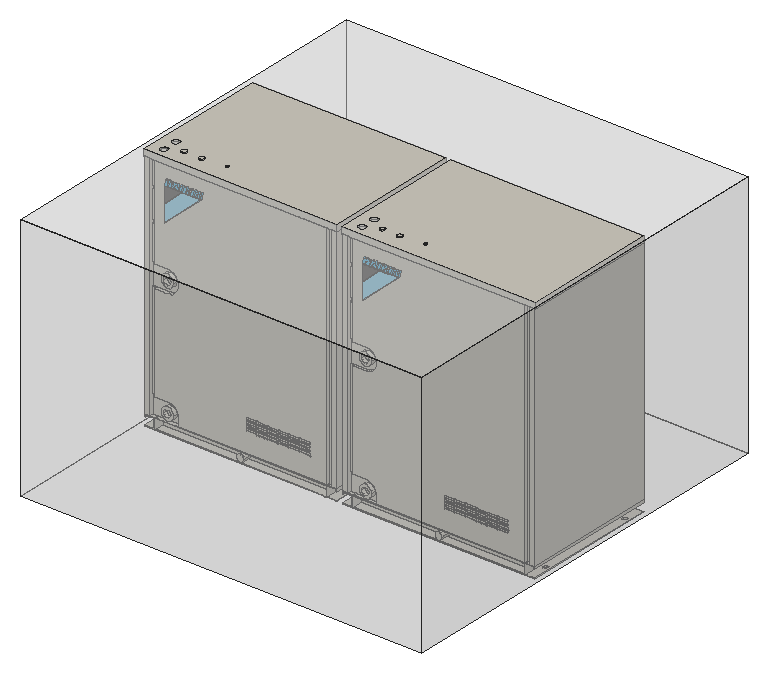
Revit family "outputfile", category 機械設備, Revit 2024
Family settings
  丸型コネクタ寸法 = 半径を使用
  種別 = なし
  パーツ タイプ = 標準
  OmniClass 番号 = 23.75.10.24.21.27.27
  OmniClass タイトル = Split System Air Conditioning Units
  作業面ベース = いいえ
  常に垂直 = はい
  ロード時にボイドで切り取り = いいえ
  注釈の向きを維持 = いいえ
  共有 = いいえ
  部屋計算ポイント = いいえ
Parameters (values of type "RWEYQ16TY14")
  製造元 = "Daikin"
  書き出し IFC クラス(タイプ) = "IfcUnitaryEquipmentType"
  定義済み IFC タイプ(タイプ) = "AIRCONDITIONINGUNIT"
  モデル = "RWEYQ16TY14"
  w_unit2 = 780.0 mm
  w_unit1 = 780.0 mm
  switch_unit2_6-8 [instance] = if(Reverse_ModuleSequence, if(default_unit1 = 1, 1 = 1, 1 = 0), if(default_unit2 = 1, 1 = 1, 1 = 0))  # yes
  switch_unit2_12 [instance] = if(Reverse_ModuleSequence, if(default_unit1 = 3, 1 = 1, 1 = 0), if(default_unit2 = 3, 1 = 1, 1 = 0))  # no
  switch_unit2_10 [instance] = if(Reverse_ModuleSequence, if(default_unit1 = 2, 1 = 1, 1 = 0), if(default_unit2 = 2, 1 = 1, 1 = 0))  # no
  switch_unit1_6-8 [instance] = if(Reverse_ModuleSequence, if(default_unit2 = 1, 1 = 1, 1 = 0), if(default_unit1 = 1, 1 = 1, 1 = 0))  # yes
  switch_unit1_12 [instance] = if(Reverse_ModuleSequence, if(default_unit2 = 3, 1 = 1, 1 = 0), if(default_unit1 = 3, 1 = 1, 1 = 0))  # no
  switch_unit1_10 [instance] = if(Reverse_ModuleSequence, if(default_unit2 = 2, 1 = 1, 1 = 0), if(default_unit1 = 2, 1 = 1, 1 = 0))  # no
  rangle_Drain [instance] = if(Rear Connection_Drain, 180.00°, 0.00°)  # 0.00°
  r_Water Outlet Pipe Connection_unit2 [instance] = Water Outlet Pipe Connection_Unit2 / 2  # 15.9 mm
  r_Water Outlet Pipe Connection_unit1 [instance] = Water Outlet Pipe Connection_Unit1 / 2  # 15.9 mm
  r_Water Inlet Pipe Connection_unit2 [instance] = Water Inlet Pipe Connection_Unit2 / 2  # 15.9 mm
  r_Water Inlet Pipe Connection_unit1 [instance] = Water Inlet Pipe Connection_Unit1 / 2  # 15.9 mm
  r_Liquid Pipe Size_unit2 [instance] = Liquid Pipe Size_Unit 2 / 2  # 4.75 mm
  r_HP/LP Gas Pipe Size_unit2 [instance] = [HP/LP Gas Pipe Size_Unit 2] / 2  # 9.55 mm
  r_HP/LP Gas Pipe Size_unit1 [instance] = [HP/LP Gas Pipe Size_Unit 1] / 2  # 9.55 mm
  r_Gas Pipe Size_unit2 [instance] = Gas Pipe Size_Unit 2 / 2  # 9.55 mm
  r_Drain Pipe Size = Drain Pipe Size / 2  # 6.35 mm
  lw_powersupply2 = 51.0 mm
  lw_liquidpipe2 = 274.0 mm
  lw_gaspipe2 [instance] = if(Heat Pump, 107.0 mm, 178.0 mm)  # 107.0 mm
  lw_Water Outlet2 = 95.0 mm
  lw_Water Outlet1 = 95.0 mm
  lw_Water Inlet2 = 95.0 mm
  lw_Water Inlet1 = 95.0 mm
  lw_HP/LP Gas Pipe2 [instance] = if(Heat Pump, 178.0 mm, 107.0 mm)  # 178.0 mm
  lw_HP/LP Gas Pipe1 [instance] = if(Heat Pump, 178.0 mm, 107.0 mm)  # 178.0 mm
  lw_Drain2 = 390.0 mm
  lw_Drain1 = 390.0 mm
  ld_HP/LP Gas Pipe = 69.0 mm
  h_mountinghole = [h_***] + 2.3 mm  # 2.3 mm
  r_Liquid Pipe Size_unit1 [instance] = Liquid Pipe Size_Unit 1 / 2  # 4.75 mm
  r_Gas Pipe Size_unit1 [instance] = Gas Pipe Size_Unit 1 / 2  # 9.55 mm
  distance_unit1-2 [instance] = 20.0 mm
  default_unit2 = 1
  default_unit1 = 1
  default_Water Outlet Pipe Connection_Unit 2 = 31.8 mm
  default_Water Outlet Pipe Connection_Unit 1 = 31.8 mm
  default_Water Inlet Pipe Connection_Unit 2 = 31.8 mm
  default_Water Inlet Pipe Connection_Unit 1 = 31.8 mm
  default_Model_Unit 2 = "RWEYQ8TY14"
  default_Model_Unit 1 = "RWEYQ8TY14"
  default_Liquid Pipe Size_Unit 2 = 9.5 mm
  default_Liquid Pipe Size_Unit 1 = 9.5 mm
  default_HP/LP Gas Pipe Size_Unit 2 [instance] = if(and(Heat Pump, [switch_unit2_6-8]), 19.1 mm, if(and(Heat Pump, switch_unit2_10), 22.2 mm, if(and(Heat Pump, switch_unit2_12), 22.2 mm, if(and(Heat Recovery, [switch_unit2_6-8]), 15.9 mm, if(and(Heat Recovery, switch_unit2_10), 19.1 mm, if(and(Heat Recovery, switch_unit2_12), 19.1 mm, 19.1 mm))))))  # 19.1 mm
  default_HP/LP Gas Pipe Size_Unit 1 [instance] = if(and(Heat Pump, [switch_unit1_6-8]), 19.1 mm, if(and(Heat Pump, switch_unit1_10), 22.2 mm, if(and(Heat Pump, switch_unit1_12), 22.2 mm, if(and(Heat Recovery, [switch_unit1_6-8]), 15.9 mm, if(and(Heat Recovery, switch_unit1_10), 19.1 mm, if(and(Heat Recovery, switch_unit1_12), 19.1 mm, 19.1 mm))))))  # 19.1 mm
  default_Gas Pipe Size_Unit 2 = 19.1 mm
  default_Gas Pipe Size_Unit 1 = 19.1 mm
  Water Outlet Pipe Connection_Unit2 [instance] = if(Reverse_ModuleSequence, default_Water Inlet Pipe Connection_Unit 1, default_Water Inlet Pipe Connection_Unit 2)  # 31.8 mm
  Water Outlet Pipe Connection_Unit1 [instance] = if(Reverse_ModuleSequence, default_Water Outlet Pipe Connection_Unit 2, default_Water Outlet Pipe Connection_Unit 1)  # 31.8 mm
  Water Inlet Pipe Connection_Unit2 [instance] = if(Reverse_ModuleSequence, default_Water Outlet Pipe Connection_Unit 1, default_Water Outlet Pipe Connection_Unit 2)  # 31.8 mm
  Water Inlet Pipe Connection_Unit1 [instance] = if(Reverse_ModuleSequence, default_Water Inlet Pipe Connection_Unit 2, default_Water Inlet Pipe Connection_Unit 1)  # 31.8 mm
  Voltage_comment_50Hz = "380-415"
  Voltage_50Hz = 400 V
  Top Connection_powersupply2 [instance] = not(Top Connection_powersupply1)  # no
  Sound Power Level (dB) = 73
  Reverse_ModuleSequence [instance] = no
  Rear Connection_Drain [instance] = not(Front Connection_Drain)  # no
  Power Input (Heating) = 7.960 kW
  Phase_50Hz = 3
  Nominal Heating Capacity = 50.000 kW
  Model_Unit 2 [instance] = if(Reverse_ModuleSequence, default_Model_Unit 1, default_Model_Unit 2)  # "RWEYQ8TY14"
  Model_Unit 1 [instance] = if(Reverse_ModuleSequence, default_Model_Unit 2, default_Model_Unit 1)  # "RWEYQ8TY14"
  Minimum Circuit Amps_50Hz = 27.3 A
  Maximum Fuse Amps_50Hz = 35.0 A
  Material_Heat Exchanger = DAIKIN_Blue_HE_outdoorunit
  Material_Casing = DAIKIN_IvoryWhite_Casing_outdoorunit
  lw_powersupply1 = 51.0 mm
  lw_liquidpipe1 = 274.0 mm
  lw_gaspipe1 [instance] = if(Heat Pump, 107.0 mm, 178.0 mm)  # 107.0 mm
  lh_powersupply = 940.0 mm
  ld_powersupply [instance] = if(Top Connection_powersupply1, 38.0 mm, 98.0 mm)  # 38.0 mm
  ld_liquidpipe = 79.0 mm
  ld_gaspipe = 69.0 mm
  h_*** = 0.0 mm
  Width [instance] = [distance_unit1-2] + w_unit1 + w_unit2  # 1580.0 mm
  Version = "ver.1.0"
  Unit Type = ""
  Unit Mass Weight = 292.00 kg
  Unit Designation [instance] = ""
  Uniclass2015Version = "Products v1.30"
  Uniclass2015Title = "Variable refrigerant flow units"
  Uniclass2015Code = "Pr_70_65_03_94"
  Total Cooling Capacity [instance] = 0.000 kW
  Sound Pressure Level (dBA) = 53
  Series = "VRV Heat Recovery"
  Refrigerant_Base Charge = 7.000 kg
  Refrigerant_Additional Charge [instance] = 0.000 kg
  Refrigerant Type = "R410A"
  Power Input (Cooling) = 7.720 kW
  Option Accessory 3 [instance] = ""
  Option Accessory 2 [instance] = ""
  Option Accessory 1 [instance] = ""
  Nominal Cooling Capacity = 44.800 kW
  Load Classification = HVAC
  Liquid Pipe Size_Unit 2 [instance] = if(Reverse_ModuleSequence, default_Liquid Pipe Size_Unit 1, default_Liquid Pipe Size_Unit 2)  # 9.5 mm
  Liquid Pipe Size_Unit 1 [instance] = if(Reverse_ModuleSequence, default_Liquid Pipe Size_Unit 2, default_Liquid Pipe Size_Unit 1)  # 9.5 mm
  Link_Nested Family [instance] = ""
  IfcVersion = ""
  IfcExportType = "AIRCONDITIONINGUNIT"
  IfcExportAs = "IfcUnitaryEquipmentType"
  Height = 1000.0 mm
  Heat Recovery [instance] = not(Heat Pump)  # no
  Heat Pump [instance] = yes
  Heat Exchanger Type = "Stainless Steel Plate"
  HP/LP Gas Pipe Size_Unit 2 [instance] = [default_HP/LP Gas Pipe Size_Unit 2]  # 19.1 mm
  HP/LP Gas Pipe Size_Unit 1 [instance] = [default_HP/LP Gas Pipe Size_Unit 1]  # 19.1 mm
  Gas Pipe Size_Unit 2 [instance] = if(Reverse_ModuleSequence, default_Gas Pipe Size_Unit 1, default_Gas Pipe Size_Unit 2)  # 19.1 mm
  Gas Pipe Size_Unit 1 [instance] = if(Reverse_ModuleSequence, default_Gas Pipe Size_Unit 2, default_Gas Pipe Size_Unit 1)  # 19.1 mm
  Top Connection_powersupply1 [instance] = yes
  Front Connection_Drain [instance] = yes
  Frequency_50Hz = 50 Hz
  Drain Pipe Size = 12.7 mm
  Depth = 550.0 mm
  既定の高さ = 0.0 mm
  Cooling Ambient Wet Bulb Temperature [instance] = 0.00 °C
  Cooling Ambient Dry Bulb Temperature [instance] = 0.00 °C
  Compressor Type = "Hermetically Sealed Scroll Type"
  Clearance visibility [instance] = yes
  Clearance Top = 0.0 mm
  Clearance Right = 20.0 mm
  Clearance Rear = 500.0 mm
  Clearance Left = 20.0 mm
  Clearance Front = 600.0 mm
  Clearance Bottom = 0.0 mm
  CU Tag No. [instance] = ""
Reference planes
  plane 1 "Center (Front/Back)": y = 0
  plane 2 "h_***": z = 0
  plane 3 "Center (Left/Right)": x = 0
  plane 4 "Back": y = 275
  plane 5 "Front": y = -275
  plane 6 "Left": x = -390
  plane 7 "w_unit1": x = 390
  plane 8 "Top": z = 1000
  plane 9 "Clearance Rear": y = 775
  plane 10 "Clearance Front": y = -875
  plane 11 "Clearance Left": x = -410
  plane 12 "Clearance Right": x = 1210
  plane 13 "Clearance Top": z = 1000
  plane 14 "Clearance Bottom": z = 0
  plane 15 "Bottom": z = 0
  plane 16 "lw_powersupply1": x = -339
  plane 17 "ld_powersupply": y = -237
  plane 18 "lw_liquidpipe1": x = -116
  plane 19 "Rear Connection_refrigetant": y = -196
  plane 20 "lw_gaspipe1": x = -283
  plane 21 "ld_gaspipe": y = -206
  plane 22 "lh_logo": z = 900
  plane 23 "lw_logo": x = 100
  plane 24 "lh_powersupply": z = 940
  plane 25 "lw_HP/LP Gas Pipe1": x = -212
  plane 26 "ld_HP/LP Gas Pipe": y = -206
  plane 27 "l_unit2": x = 410
  plane 28 "Right": x = 1190
  plane 29 "lw_powersupply2": x = 461
  plane 30 "lw_liquidpipe2": x = 684
  plane 31 "lw_gaspipe2": x = 517
  plane 32 "lw_HP/LP Gas Pipe2": x = 588
  plane 33 "lw_Water Inlet1": x = -295
  plane 34 "lw_Water Inlet2": x = 505
  plane 35 "lw_Water Outlet1": x = -295
  plane 36 "lw_Water Outlet2": x = 505
  plane 37 "lw_Drain1": x = 0
  plane 38 "lw_Drain2": x = 800
Dimensions and locks
  equal spacing: plane 4 "Back", plane 1 "Center (Front/Back)", plane 5 "Front"
  "Depth": plane 4 "Back" to plane 5 "Front"
  equal spacing: plane 6 "Left", plane 3 "Center (Left/Right)", plane 7 "w_unit1"
  "w_unit1": plane 6 "Left" to plane 7 "w_unit1"
  "Clearance Rear": plane 9 "Clearance Rear" to plane 4 "Back"
  "Clearance Front": plane 10 "Clearance Front" to plane 5 "Front"
  "Clearance Left": plane 11 "Clearance Left" to plane 6 "Left"
  "Clearance Top": plane 13 "Clearance Top" to plane 8 "Top"
  "h_***": plane 15 "Bottom" to plane 2 "h_***"
  "Height": plane 8 "Top" to plane 15 "Bottom"
  "Clearance Bottom": plane 15 "Bottom" to plane 14 "Clearance Bottom"
  "ld_powersupply": plane 17 "ld_powersupply" to plane 5 "Front"
  "ld_liquidpipe": plane 19 "Rear Connection_refrigetant" to plane 5 "Front"
  "ld_gaspipe": plane 21 "ld_gaspipe" to plane 5 "Front"
  locked: plane 23 "lw_logo" to plane 7 "w_unit1" at 290
  locked: plane 22 "lh_logo" to plane 15 "Bottom" at 900
  "lw_gaspipe1": plane 6 "Left" to plane 20 "lw_gaspipe1"
  "lw_liquidpipe1": plane 6 "Left" to plane 18 "lw_liquidpipe1"
  "lw_powersupply1": plane 6 "Left" to plane 16 "lw_powersupply1"
  "lh_powersupply": plane 24 "lh_powersupply" to plane 15 "Bottom"
  "lw_HP/LP Gas Pipe1": plane 6 "Left" to plane 25 "lw_HP/LP Gas Pipe1"
  "ld_HP/LP Gas Pipe": plane 26 "ld_HP/LP Gas Pipe" to plane 5 "Front"
  "distance_unit1-2": plane 7 "w_unit1" to plane 27 "l_unit2"
  "Clearance Right": plane 28 "Right" to plane 12 "Clearance Right"
  "Width": plane 6 "Left" to plane 28 "Right"
  "lw_powersupply2": plane 27 "l_unit2" to plane 29 "lw_powersupply2"
  "lw_HP/LP Gas Pipe2": plane 27 "l_unit2" to plane 32 "lw_HP/LP Gas Pipe2"
  "lw_gaspipe2": plane 27 "l_unit2" to plane 31 "lw_gaspipe2"
  "lw_liquidpipe2": plane 27 "l_unit2" to plane 30 "lw_liquidpipe2"
  "lw_Water Inlet1": plane 6 "Left" to plane 33 "lw_Water Inlet1"
  "lw_Water Inlet2": plane 27 "l_unit2" to plane 34 "lw_Water Inlet2"
  "lw_Water Outlet1": plane 6 "Left" to plane 35 "lw_Water Outlet1"
  "lw_Water Outlet2": plane 27 "l_unit2" to plane 36 "lw_Water Outlet2"
  "lw_Drain1": plane 6 "Left" to plane 37 "lw_Drain1"
  "lw_Drain2": plane 27 "l_unit2" to plane 38 "lw_Drain2"
  aligned and locked: level to plane 2 "h_***"
  aligned and locked: plane 9 "Clearance Rear" to nested 2
  aligned and locked: nested 2 to plane 10 "Clearance Front"
  aligned and locked: plane 11 "Clearance Left" to nested 2
  aligned and locked: plane 12 "Clearance Right" to nested 2
  aligned and locked: plane 13 "Clearance Top" to nested 2
  aligned and locked: plane 14 "Clearance Bottom" to nested 2
  aligned and locked: plane 8 "Top" to nested 1
  aligned and locked: plane 22 "lh_logo" to nested 7
  aligned and locked: nested 8 to plane 16 "lw_powersupply1"
  aligned and locked: nested 9 to plane 20 "lw_gaspipe1"
  aligned and locked: nested 10 to plane 18 "lw_liquidpipe1"
  aligned and locked: nested 10 to plane 19 "Rear Connection_refrigetant"
  aligned and locked: nested 9 to plane 21 "ld_gaspipe"
  aligned and locked: nested 8 to plane 17 "ld_powersupply"
  aligned and locked: plane 5 "Front" to nested 7
  aligned and locked: plane 24 "lh_powersupply" to nested 8
  aligned and locked: plane 27 "l_unit2" to nested 11
  aligned and locked: nested 17 to plane 29 "lw_powersupply2"
  aligned and locked: nested 17 to plane 17 "ld_powersupply"
  aligned and locked: nested 18 to plane 31 "lw_gaspipe2"
  aligned and locked: nested 18 to plane 26 "ld_HP/LP Gas Pipe"
  aligned and locked: plane 1 "Center (Front/Back)" to nested 20
  aligned and locked: plane 33 "lw_Water Inlet1" to nested 20
  aligned and locked: plane 1 "Center (Front/Back)" to nested 21
  aligned and locked: plane 1 "Center (Front/Back)" to nested 22
  aligned and locked: plane 1 "Center (Front/Back)" to nested 23
  aligned and locked: plane 1 "Center (Front/Back)" to nested 24
  aligned and locked: plane 1 "Center (Front/Back)" to nested 25
  aligned and locked: plane 34 "lw_Water Inlet2" to nested 21
  aligned and locked: plane 35 "lw_Water Outlet1" to nested 22
  aligned and locked: plane 36 "lw_Water Outlet2" to nested 23
  aligned and locked: plane 37 "lw_Drain1" to nested 24
  aligned and locked: plane 38 "lw_Drain2" to nested 25
  aligned and locked: plane 25 "lw_HP/LP Gas Pipe1" to nested 26
  aligned and locked: plane 32 "lw_HP/LP Gas Pipe2" to nested 27
  aligned and locked: nested 26 to plane 26 "ld_HP/LP Gas Pipe"
  aligned and locked: nested 27 to plane 26 "ld_HP/LP Gas Pipe"
Nested families
  nested 1: "DAIKIN_outdoorunit_RWEYQ-TY14" at (-31, 0, 0), h_*** <- "h_***", Link_Nest <- "Link_Nested Family", h_mountinghole <- "h_mountinghole", Width <- "w_unit1", switch_unit1_6-8 <- "switch_unit1_6-8", switch_unit1_10 <- "switch_unit1_10", switch_unit1_12 <- "switch_unit1_12", type "RWEYQ-TY14"
    with switch_unit1_6-8 yes, switch_unit1_12 no, switch_unit1_10 no, show_fixedhole yes, h_mountinghole 2.3 mm, h_antenna_mountinghole 998.7 mm, h_*** 0.0 mm, array_bolt 5, Width 780.0 mm, Liquid Pipe Size_Unit 1 9.5 mm, Link_Nest "", HP/LP Pipe Size_Unit 1 19.1 mm, Gas Pipe Size_Unit 1_L 107.0 mm, Gas Pipe Size_Unit 1 19.1 mm
  nested 2: "daikin_clearancespace" at (400, -50, 500.119), visible <- "Clearance visibility", show <- "Clearance visibility", Link_Nested Family <- "Link_Nested Family", type "daikin_clearancespace"
    with width 1620.0 mm, show yes, height 1000.0 mm, depth 1650.0 mm, Link_Nested Family ""
  nested 3: "daikin_mountinghole" at (-372, 200, 0), type "daikin_mountinghole"
    with show yes, l_antenna 998.7 mm, h_mountinghole 2.3 mm, Link_Nested Family ""
  nested 4: "daikin_mountinghole" at (372, 200, 0), type "daikin_mountinghole"
    with show yes, l_antenna 998.7 mm, h_mountinghole 2.3 mm, Link_Nested Family ""
  nested 5: "daikin_mountinghole" at (-372, -200, 0), type "daikin_mountinghole"
    with show yes, l_antenna 998.7 mm, h_mountinghole 2.3 mm, Link_Nested Family ""
  nested 6: "daikin_mountinghole" at (372, -200, 0), type "daikin_mountinghole"
    with show yes, l_antenna 998.7 mm, h_mountinghole 2.3 mm, Link_Nested Family ""
  nested 7: "daikin_logo_elevation_w150" at (-212.5, -275, 744.568), type "daikin_logo_elevation_w150"
    with show_logo yes
  nested 8: "daikin_connector_rotate3" at (-339, -237, 940) x (-1, 0, 0) z (0, 0, -1), type "daikin_connector_rotate3"
    with show no, radius 10.0 mm, length 60.0 mm, angle_vertical 0.00°, angle_horizontal 0.00°
  nested 9: "daikin_connector_rotate3" at (-283, -206, 940) x (-1, 0, 0) z (0, 0, -1), radius <- "r_Gas Pipe Size_unit1", type "daikin_connector_rotate3"
    with show no, radius 9.55 mm, length 60.0 mm, angle_vertical 0.00°, angle_horizontal 0.00°
  nested 10: "daikin_connector_rotate3" at (-116, -196, 940) x (-1, 0, 0) z (0, 0, -1), radius <- "r_Liquid Pipe Size_unit1", type "daikin_connector_rotate3"
    with show no, radius 4.75 mm, length 60.0 mm, angle_vertical 0.00°, angle_horizontal 0.00°
  nested 11: "DAIKIN_outdoorunit_RWEYQ-TY14" at (769, 0, 0), Width <- "w_unit2", switch_unit1_6-8 <- "switch_unit2_6-8", switch_unit1_10 <- "switch_unit2_10", switch_unit1_12 <- "switch_unit2_12", type "RWEYQ-TY14"
    with switch_unit1_6-8 yes, switch_unit1_12 no, switch_unit1_10 no, show_fixedhole yes, h_mountinghole 2.3 mm, h_antenna_mountinghole 998.7 mm, h_*** 0.0 mm, array_bolt 5, Width 780.0 mm, Liquid Pipe Size_Unit 1 9.5 mm, Link_Nest "", HP/LP Pipe Size_Unit 1 19.1 mm, Gas Pipe Size_Unit 1_L 107.0 mm, Gas Pipe Size_Unit 1 19.1 mm
  nested 12: "daikin_mountinghole" at (428, 200, 0), type "daikin_mountinghole"
    with show yes, l_antenna 998.7 mm, h_mountinghole 2.3 mm, Link_Nested Family ""
  nested 13: "daikin_mountinghole" at (1172, 200, 0), type "daikin_mountinghole"
    with show yes, l_antenna 998.7 mm, h_mountinghole 2.3 mm, Link_Nested Family ""
  nested 14: "daikin_mountinghole" at (428, -200, 0), type "daikin_mountinghole"
    with show yes, l_antenna 998.7 mm, h_mountinghole 2.3 mm, Link_Nested Family ""
  nested 15: "daikin_mountinghole" at (1172, -200, 0), type "daikin_mountinghole"
    with show yes, l_antenna 998.7 mm, h_mountinghole 2.3 mm, Link_Nested Family ""
  nested 16: "daikin_connector_rotate3" at (684, -196, 940) x (-1, 0, 0) z (0, 0, -1), radius <- "r_Liquid Pipe Size_unit2", type "daikin_connector_rotate3"
    with show no, radius 4.75 mm, length 60.0 mm, angle_vertical 0.00°, angle_horizontal 0.00°
  nested 17: "daikin_connector_rotate3" at (461, -237, 940) x (-1, 0, 0) z (0, 0, -1), type "daikin_connector_rotate3"
    with show no, radius 10.0 mm, length 60.0 mm, angle_vertical 0.00°, angle_horizontal 0.00°
  nested 18: "daikin_connector_rotate3" at (517, -206, 940) x (-1, 0, 0) z (0, 0, -1), radius <- "r_Gas Pipe Size_unit2", type "daikin_connector_rotate3"
    with show no, radius 9.55 mm, length 60.0 mm, angle_vertical 0.00°, angle_horizontal 0.00°
  nested 19: "daikin_logo_elevation_w150" at (587.5, -275, 744.568), type "daikin_logo_elevation_w150"
    with show_logo yes
  nested 20: "daikin_connector_rotate3" at (-295, 0, 76), radius <- "r_Water Inlet Pipe Connection_unit1", type "daikin_connector_rotate3"
    with show no, radius 15.9 mm, length 275.0 mm, angle_vertical 90.00°, angle_horizontal 0.00°
  nested 21: "daikin_connector_rotate3" at (505, 0, 76), radius <- "r_Water Inlet Pipe Connection_unit2", type "daikin_connector_rotate3"
    with show no, radius 15.9 mm, length 275.0 mm, angle_vertical 90.00°, angle_horizontal 0.00°
  nested 22: "daikin_connector_rotate3" at (-295, 0, 556), radius <- "r_Water Outlet Pipe Connection_unit1", type "daikin_connector_rotate3"
    with show no, radius 15.9 mm, length 275.0 mm, angle_vertical 90.00°, angle_horizontal 0.00°
  nested 23: "daikin_connector_rotate3" at (505, 0, 556), radius <- "r_Water Outlet Pipe Connection_unit2", type "daikin_connector_rotate3"
    with show no, radius 15.9 mm, length 275.0 mm, angle_vertical 90.00°, angle_horizontal 0.00°
  nested 24: "daikin_connector_rotate3" at (0, 0, 19), angle_horizontal <- "rangle_Drain", radius <- "r_Drain Pipe Size", type "daikin_connector_rotate3"
    with show no, radius 6.35 mm, length 275.0 mm, angle_vertical 90.00°, angle_horizontal 0.00°
  nested 25: "daikin_connector_rotate3" at (800, 0, 19), angle_horizontal <- "rangle_Drain", radius <- "r_Drain Pipe Size", type "daikin_connector_rotate3"
    with show no, radius 6.35 mm, length 275.0 mm, angle_vertical 90.00°, angle_horizontal 0.00°
  nested 26: "daikin_connector_rotate3" at (-212, -206, 940) x (1, 0, 0) z (0, 0, -1), radius <- "r_HP/LP Gas Pipe Size_unit1", type "daikin_connector_rotate3"
    with show no, radius 9.55 mm, length 60.0 mm, angle_vertical 0.00°, angle_horizontal 0.00°
  nested 27: "daikin_connector_rotate3" at (588, -206, 940) x (1, 0, 0) z (0, 0, -1), radius <- "r_HP/LP Gas Pipe Size_unit2", type "daikin_connector_rotate3"
    with show no, radius 9.55 mm, length 60.0 mm, angle_vertical 0.00°, angle_horizontal 0.00°
Connectors
  piping at (-116, -196, 1000), diameter 9.5, driven by "r_Liquid Pipe Size_unit1"
    settings: on nested 10, index 12, connector inside diameter 609.6 mm, connector length 0.0 mm, flow factor 0, pipe flow 0.00 m³/h, pressure drop 0.0 Pa, fitting loss kfactor 0, connector angle 0.00°, fixture units 0, engagement length 0.0 mm, angle of deflection 0.00°, flow configuration 0, flow direction 2, fitting loss method 0, system type 29, joint type 0, gender type 0, connector reference index -1, connector utility 0, adjustable connector no, is connector primary no, connector description "Refrigerant Liquid Piping1"
  electrical at (-339, -237, 1000), driven by "Load Classification"
    settings: on nested 8, index 13, voltage 0 V, apparent load 0 VA, apparent load phase1 0 VA, apparent load phase2 0 VA, apparent load phase3 0 VA, power factor 1, load classification "HVAC", number of poles 1, system type 30, power factor state 1, is connector primary yes, connector utility no, sub classification motor no, connector description "Power Supply1"
  piping at (684, -196, 1000), diameter 9.5, driven by "r_Liquid Pipe Size_unit2"
    settings: on nested 16, index 15, connector inside diameter 609.6 mm, connector length 0.0 mm, flow factor 0, pipe flow 0.00 m³/h, pressure drop 0.0 Pa, fitting loss kfactor 0, connector angle 0.00°, fixture units 0, engagement length 0.0 mm, angle of deflection 0.00°, flow configuration 0, flow direction 2, fitting loss method 0, system type 29, joint type 0, gender type 0, connector reference index -1, connector utility 0, adjustable connector no, is connector primary no, connector description "Refrigerant Liquid Piping2"
  electrical at (461, -237, 1000), driven by "Load Classification"
    settings: on nested 17, index 17, voltage 0 V, apparent load 0 VA, apparent load phase1 0 VA, apparent load phase2 0 VA, apparent load phase3 0 VA, power factor 1, load classification "HVAC", number of poles 1, system type 30, power factor state 1, is connector primary no, connector utility no, sub classification motor no, connector description "Power Supply2"
  piping at (-295, -275, 556), diameter 31.8, driven by "r_Water Outlet Pipe Connection_unit1"
    settings: on nested 22, index 19, connector inside diameter 609.6 mm, connector length 0.0 mm, flow factor 0, pipe flow 0.00 m³/h, pressure drop 0.0 Pa, fitting loss kfactor 0, connector angle 0.00°, fixture units 0, engagement length 0.0 mm, angle of deflection 0.00°, flow configuration 1, flow direction 2, fitting loss method 0, system type 8, joint type 0, gender type 0, connector reference index -1, connector utility 0, adjustable connector no, is connector primary no, connector description "Cooling Water Outlet Piping 1"
  piping at (-295, -275, 76), diameter 31.8, driven by "r_Water Inlet Pipe Connection_unit1"
    settings: on nested 20, index 20, connector inside diameter 609.6 mm, connector length 0.0 mm, flow factor 0, pipe flow 0.00 m³/h, pressure drop 0.0 Pa, fitting loss kfactor 0, connector angle 0.00°, fixture units 0, engagement length 0.0 mm, angle of deflection 0.00°, flow configuration 1, flow direction 1, fitting loss method 0, system type 7, joint type 0, gender type 0, connector reference index -1, connector utility 0, adjustable connector no, is connector primary no, connector description "Cooling Water Inlet  Piping 1"
  piping at (505, -275, 556), diameter 31.8, driven by "r_Water Outlet Pipe Connection_unit2"
    settings: on nested 23, index 21, connector inside diameter 609.6 mm, connector length 0.0 mm, flow factor 0, pipe flow 0.00 m³/h, pressure drop 0.0 Pa, fitting loss kfactor 0, connector angle 0.00°, fixture units 0, engagement length 0.0 mm, angle of deflection 0.00°, flow configuration 1, flow direction 2, fitting loss method 0, system type 8, joint type 0, gender type 0, connector reference index -1, connector utility 0, adjustable connector no, is connector primary no, connector description "Cooling Water Outlet Piping 2"
  piping at (505, -275, 76), diameter 31.8, driven by "r_Water Inlet Pipe Connection_unit2"
    settings: on nested 21, index 22, connector inside diameter 609.6 mm, connector length 0.0 mm, flow factor 0, pipe flow 0.00 m³/h, pressure drop 0.0 Pa, fitting loss kfactor 0, connector angle 0.00°, fixture units 0, engagement length 0.0 mm, angle of deflection 0.00°, flow configuration 1, flow direction 1, fitting loss method 0, system type 7, joint type 0, gender type 0, connector reference index -1, connector utility 0, adjustable connector no, is connector primary no, connector description "Cooling Water Inlet  Piping 2"
  piping at (0, -275, 19), diameter 12.7, driven by "r_Drain Pipe Size"
    settings: on nested 24, index 23, connector inside diameter 609.6 mm, connector length 0.0 mm, flow factor 0, pipe flow 0.00 m³/h, pressure drop 0.0 Pa, fitting loss kfactor 0, connector angle 0.00°, fixture units 0, engagement length 0.0 mm, angle of deflection 0.00°, flow configuration 1, flow direction 2, fitting loss method 4, system type 16, joint type 0, gender type 0, connector reference index -1, connector utility 0, adjustable connector no, is connector primary no, connector description "Condensate Drain Piping 1"
  piping at (800, -275, 19), diameter 12.7, driven by "r_Drain Pipe Size"
    settings: on nested 25, index 24, connector inside diameter 609.6 mm, connector length 0.0 mm, flow factor 0, pipe flow 0.00 m³/h, pressure drop 0.0 Pa, fitting loss kfactor 0, connector angle 0.00°, fixture units 0, engagement length 0.0 mm, angle of deflection 0.00°, flow configuration 1, flow direction 2, fitting loss method 4, system type 16, joint type 0, gender type 0, connector reference index -1, connector utility 0, adjustable connector no, is connector primary no, connector description "Condensate Drain Piping 2"
  piping at (-212, -206, 1000), diameter 19.1, driven by "r_HP/LP Gas Pipe Size_unit1"
    settings: on nested 26, index 27, connector inside diameter 609.6 mm, connector length 0.0 mm, flow factor 0, pipe flow 0.00 m³/h, pressure drop 0.0 Pa, fitting loss kfactor 0, connector angle 0.00°, fixture units 0, engagement length 0.0 mm, angle of deflection 0.00°, flow configuration 0, flow direction 0, fitting loss method 0, system type 29, joint type 0, gender type 0, connector reference index -1, connector utility 0, adjustable connector no, is connector primary no, connector description "Refrigerant HP/LP Gas Piping1"
  piping at (588, -206, 1000), diameter 19.1, driven by "r_HP/LP Gas Pipe Size_unit2"
    settings: on nested 27, index 28, connector inside diameter 609.6 mm, connector length 0.0 mm, flow factor 0, pipe flow 0.00 m³/h, pressure drop 0.0 Pa, fitting loss kfactor 0, connector angle 0.00°, fixture units 0, engagement length 0.0 mm, angle of deflection 0.00°, flow configuration 0, flow direction 0, fitting loss method 0, system type 29, joint type 0, gender type 0, connector reference index -1, connector utility 0, adjustable connector no, is connector primary no, connector description "Refrigerant HP/LP Gas Piping2"
  piping at (-283, -206, 1000), diameter 19.1, driven by "r_Gas Pipe Size_unit1"
    settings: on nested 9, index 29, connector inside diameter 609.6 mm, connector length 0.0 mm, flow factor 0, pipe flow 0.00 m³/h, pressure drop 0.0 Pa, fitting loss kfactor 0, connector angle 0.00°, fixture units 0, engagement length 0.0 mm, angle of deflection 0.00°, flow configuration 0, flow direction 1, fitting loss method 0, system type 29, joint type 0, gender type 0, connector reference index -1, connector utility 0, adjustable connector no, is connector primary yes, connector description "Refrigerant Gas Piping1"
  piping at (517, -206, 1000), diameter 19.1, driven by "r_Gas Pipe Size_unit2"
    settings: on nested 18, index 30, connector inside diameter 609.6 mm, connector length 0.0 mm, flow factor 0, pipe flow 0.00 m³/h, pressure drop 0.0 Pa, fitting loss kfactor 0, connector angle 0.00°, fixture units 0, engagement length 0.0 mm, angle of deflection 0.00°, flow configuration 0, flow direction 1, fitting loss method 0, system type 29, joint type 0, gender type 0, connector reference index -1, connector utility 0, adjustable connector no, is connector primary no, connector description "Refrigerant Gas Piping2"
Definition of nested family "DAIKIN_outdoorunit_RWEYQ-TY14"
  Parameters (values of type "RWEYQ-TY14")
    w_wiremesh_right = 668.0 mm  # constant formula
    w_wiremesh_left = 590.0 mm  # constant formula
    w_wiremesh_front = 248.0 mm  # constant formula
    switch_unit1_6-8 [instance] = no
    switch_unit1_12 [instance] = yes
    switch_unit1_10 [instance] = no
    show_fixedhole [instance] = yes
    material_heatexchanger = none
    material_casing = none
    ld_hole1_bottom = 154.0 mm  # constant formula
    h_wiremesh = 900.0 mm  # constant formula
    h_mountinghole [instance] = 2.3 mm
    h_antenna_mountinghole [instance] = Height + 1.0 mm - 2.3 mm  # 998.7 mm
    h_*** [instance] = 0.0 mm
    array_bolt [instance] = 5
    Width [instance] = 780.0 mm
    Liquid Pipe Size_Unit 1 [instance] = if([switch_unit1_6-8], 9.5 mm, if(switch_unit1_10, 9.5 mm, if(switch_unit1_12, 12.7 mm, 9.5 mm)))  # 12.7 mm
    Link_Nest [instance] = ""
    Height = 1000.0 mm
    Heat Recovery = not(Heat Pump)  # no
    Heat Pump = yes
    HP/LP Pipe Size_Unit 1_L = if(Heat Pump, 178.0 mm, 107.0 mm)  # 178.0 mm
    HP/LP Pipe Size_Unit 1 [instance] = if(Heat Recovery, if([switch_unit1_6-8], 15.9 mm, if(switch_unit1_10, 19.1 mm, if(switch_unit1_12, 19.1 mm, 15.9 mm))), if([switch_unit1_6-8], 19.1 mm, if(switch_unit1_10, 22.2 mm, if(switch_unit1_12, 22.2 mm, 19.1 mm))))  # 22.2 mm
    Gas Pipe Size_Unit 1_L [instance] = if(Heat Pump, 107.0 mm, 178.0 mm)  # 107.0 mm
    Gas Pipe Size_Unit 1_H = 60.0 mm  # constant formula
    Gas Pipe Size_Unit 1 [instance] = if([switch_unit1_6-8], 19.1 mm, if(switch_unit1_10, 22.2 mm, if(switch_unit1_12, 22.2 mm, 19.1 mm)))  # 22.2 mm
    Depth = 550.0 mm
    Default Elevation = 0.0 mm
  Reference planes
    plane 1 "Center (Front/Back)": y = 0
    plane 2 "reference_level": z = 0
    plane 3 "Center (Left/Right)": x = 31
    plane 4 "Bottom": z = 0
    plane 5: x = 421
    plane 6: x = -359
    plane 7 "Back": y = 275
    plane 8 "Front": y = -275
    plane 9: z = 1000
    plane 10: z = 976
    plane 11: y = -255
    plane 12: y = 255
    plane 13: x = -337
    plane 14: x = 399
    plane 15: x = -341
    plane 16: z = 45
    plane 17: x = 403
    plane 18: y = 200
    plane 19: y = -200
    plane 20: z = 1060
    plane 21: z = 19
    plane 22: z = 1000
    plane 23: z = 940
  Forms (mm)
    Extrusion 1, solid, material <- "material_heatexchanger"
      sketch origin (0, 0, 0) x (1, 0, 0) y (0, 1, 0)
        loop
          line (-337, 255) -> (-337, -255) -> (399, -255) -> (399, 255) -> (-337, 255)
      from 54 to 976
    Extrusion 2, void
      sketch origin (0, 350, 0) x (1, 0, 0) y (0, 1, 0)
        loop
          circle (-341, -150) r 8.5
        loop
          circle (403, -150) r 8.5
        loop
          circle (403, -550) r 8.5
        loop
          circle (-341, -550) r 8.5
      from 0 to 29.064
    Extrusion 3, solid, material <- "material_casing"
      sketch origin (620, -305, 0) x (-1, 0, 0) y (0, 0, 1)
        loop
          line (204.3, 35.061) -> (204.3, 42.7) -> (239.7, 42.7) -> (239.7, 2.3) -> (201, 2.3) -> (201, 0) -> (242, 0) -> (242, 45) -> (201, 45) -> (201, 35.061) -> (204.3, 35.061)
        loop
          line (973.7, 35.061) -> (977, 35.061) -> (977, 45) -> (936, 45) -> (936, 0) -> (977, 0) -> (977, 2.3) -> (938.3, 2.3) -> (938.3, 42.7) -> (973.7, 42.7) -> (973.7, 35.061)
      from 30 to 580
    Extrusion 4, solid, material <- "material_casing"
      sketch origin (31, 0, 0) x (0, 1, 0) y (0, 0, 1)
        loop
          line (-275, 45) -> (-275, 42.7) -> (-236.3, 42.7) -> (-236.3, 2.3) -> (-275, 2.3) -> (-275, 0) -> (-234, 0) -> (-234, 45) -> (-275, 45)
        loop
          line (275, 45) -> (234, 45) -> (234, 0) -> (275, 0) -> (275, 2.3) -> (236.3, 2.3) -> (236.3, 42.7) -> (275, 42.7) -> (275, 45)
      from -347 to 347
    Extrusion 5, solid, material <- "material_casing"
      sketch origin (0, 0, 0) x (1, 0, 0) y (0, 1, 0)
        loop
          circle (-85, -196) r 6.35
        loop
          circle (-181, -206) r 11.1
      from 940 to 1000
    Extrusion 6, solid, material <- "material_casing"
      sketch origin (-663.497, -190, 1200) x (-1, 0, 0) y (0, 0, 1)
        loop
          circle (-694.497, -1181) r 14
      from -85 to -46.3
    Extrusion 7, solid, material <- "material_casing"
      sketch origin (-663.497, 321.3, 1200) x (-1, 0, 0) y (0, 0, 1)
        loop
          circle (-694.497, -1181) r 14
      from -85 to -46.3
    Extrusion 8, solid, material <- "material_casing"
      sketch origin (0, -500, 0) x (1, 0, 0) y (0, 1, 0)
        loop
          circle (-252, 294) r 11.1
      from 940 to 1000
  Cuts and joins
    Extrusion 2 cuts Extrusion 3
  Dimensions and locks
    equal spacing: plane 6, plane 3 "Center (Left/Right)", plane 5
    "Width": plane 6 to plane 5
    locked: plane 9 to plane 10 at 24
    "Depth": plane 8 "Front" to plane 7 "Back"
    equal spacing: plane 7 "Back", plane 1 "Center (Front/Back)", plane 8 "Front"
    locked: plane 12 to plane 7 "Back" at 20
    locked: plane 11 to plane 8 "Front" at 20
    locked: plane 6 to plane 13 at 22
    locked: plane 14 to plane 5 at 22
    locked: plane 6 to plane 15 at 18
    "h_***": plane 4 "Bottom" to plane 2 "reference_level"
    locked: plane 16 to plane 4 "Bottom" at 45
    "Height": plane 9 to plane 4 "Bottom"
    locked: plane 5 to Extrusion 3 sketch curve at 2  (x2)
    locked: Extrusion 3 sketch curve to Extrusion 3 sketch curve at 41  (x2)
    locked: Extrusion 3 sketch curve to Extrusion 3 sketch curve at 3.3  (x2)
    locked: Extrusion 3 sketch curve to plane 6 at 2  (x2)
    locked: plane 8 "Front" to Extrusion 4 sketch curve at 41
    locked: Extrusion 4 sketch curve to plane 7 "Back" at 41
    locked: plane 17 to plane 5 at 18
    plane 19 to plane 8 "Front" = 75.0 mm
    locked: plane 18 to plane 7 "Back" at 75
    locked: Extrusion 5 sketch curve to plane 8 "Front" at 79
    locked: plane 6 to Extrusion 5 sketch curve at 274
    "HP/LP Pipe Size_Unit 1_L": plane 6 to Extrusion 5 sketch curve
    locked: Extrusion 5 sketch curve to plane 8 "Front" at 69
    locked: plane 20 to plane 9 at 60
    locked: plane 21 to plane 4 "Bottom" at 19
    "Gas Pipe Size_Unit 1_L": plane 6 to Extrusion 8 sketch curve
    locked: Extrusion 8 sketch curve to plane 8 "Front" at 69
    "Gas Pipe Size_Unit 1_H": plane 20 to plane 22
    locked: plane 22 to plane 23 at 60
    "HP/LP Pipe Size_Unit 1": diameter of Extrusion 5 sketch curve
    "Liquid Pipe Size_Unit 1": diameter of Extrusion 5 sketch curve
    "Gas Pipe Size_Unit 1": diameter of Extrusion 8 sketch curve
    aligned and locked: level to plane 2 "reference_level"
    aligned and locked: plane 12 to Extrusion 1 sketch curve
    aligned and locked: plane 11 to Extrusion 1 sketch curve
    aligned and locked: plane 13 to Extrusion 1 sketch curve
    aligned and locked: plane 14 to Extrusion 1 sketch curve
    aligned and locked: plane 10 to Extrusion 1
    aligned and locked: plane 11 to nested 1
    aligned and locked: plane 10 to nested 4
    aligned and locked: nested 5 to plane 9
    aligned and locked: plane 10 to nested 3
    aligned and locked: plane 10 to nested 2
    aligned and locked: plane 13 to nested 4
    aligned and locked: plane 14 to nested 2
    aligned and locked: plane 12 to nested 3
    aligned and locked: plane 15 to nested 7
    aligned and locked: plane 15 to nested 9
    aligned and locked: plane 8 "Front" to nested 5
    aligned and locked: plane 6 to nested 5
    aligned and locked: plane 10 to nested 1
    aligned and locked: plane 13 to nested 1
    aligned and locked: nested 2 to plane 1 "Center (Front/Back)"
    aligned and locked: nested 3 to plane 3 "Center (Left/Right)"
    aligned and locked: plane 1 "Center (Front/Back)" to nested 4
    aligned and locked: nested 6 to plane 3 "Center (Left/Right)"
    aligned and locked: plane 1 "Center (Front/Back)" to nested 6
    aligned and locked: plane 16 to Extrusion 3 sketch curve
    aligned and locked: Extrusion 3 sketch curve to plane 4 "Bottom"
    aligned and locked: Extrusion 3 sketch curve to plane 16
    aligned and locked: plane 4 "Bottom" to Extrusion 3 sketch curve
    aligned and locked: Extrusion 3 to plane 7 "Back"
    aligned and locked: Extrusion 3 to plane 8 "Front"
    aligned and locked: plane 8 "Front" to Extrusion 4 sketch curve  (x2)
    aligned and locked: plane 4 "Bottom" to Extrusion 4 sketch curve
    aligned and locked: Extrusion 4 sketch curve to plane 16
    aligned and locked: Extrusion 4 sketch curve to plane 7 "Back"  (x2)
    aligned and locked: plane 18 to Extrusion 2 sketch curve  (x2)
    aligned and locked: plane 15 to Extrusion 2 sketch curve  (x2)
    aligned and locked: plane 17 to Extrusion 2 sketch curve  (x2)
    aligned and locked: plane 17 to nested 8
    aligned and locked: plane 18 to nested 8
    aligned and locked: plane 18 to nested 7
    aligned and locked: nested 7 to plane 15
    aligned and locked: nested 9 to plane 19
    aligned and locked: nested 9 to plane 15
    aligned and locked: nested 10 to plane 19
    aligned and locked: plane 17 to nested 10
    aligned and locked: plane 19 to Extrusion 2 sketch curve  (x2)
    aligned and locked: plane 3 "Center (Left/Right)" to Extrusion 6 sketch curve
    aligned and locked: plane 21 to Extrusion 6 sketch curve
    aligned and locked: plane 22 to Extrusion 8
    aligned and locked: Extrusion 8 to plane 22
    aligned and locked: Extrusion 8 to plane 23
    aligned and locked: Extrusion 5 to plane 23
    aligned and locked: Extrusion 5 to plane 22
  Automatic sketch dimensions
    Extrusion 3 sketch curve to Extrusion 3 sketch curve = 2.3 mm  (x2)
    level to Extrusion 3 sketch curve = 2.3 mm  (x2)
    Extrusion 3 sketch curve to plane 16 = 9.939 mm  (x2)
    Extrusion 3 sketch curve to plane 16 = 2.3 mm  (x2)
    Extrusion 4 sketch curve to level = 0.0 mm
    Extrusion 4 sketch curve to plane 16 = 0.0 mm
    Extrusion 4 sketch curve to Extrusion 4 sketch curve = 2.3 mm  (x2)
    level to Extrusion 4 sketch curve = 2.3 mm  (x2)
    Extrusion 4 sketch curve to plane 16 = 2.3 mm  (x2)
    Extrusion 7 sketch curve to plane 3 "Center (Left/Right)" = 0.0 mm
    Extrusion 7 sketch curve to plane 21 = 0.0 mm
    radius of Extrusion 2 sketch curve = 8.5 mm  (x4)
    radius of Extrusion 6 sketch curve = 14.0 mm
    radius of Extrusion 7 sketch curve = 14.0 mm
  Nested families
    nested 1: "outdoorunit_frontpanel" at (-337, -265, 45), material <- "material_casing", type "frontpanel1"
      with material none
    nested 2: "outdoorunit_rightpanel1" at (409, -275, 45) x (0, 1, 0) z (0, 0, 1), material <- "material_casing", type "frontpanel1"
      with material none
    nested 3: "outdoorunit_backpanel" at (399, 265, 45) x (-1, 0, 0) z (0, 0, 1), material <- "material_casing", type "frontpanel1"
      with material none
    nested 4: "outdoorunit_leftpanel" at (-347, 275, 45) x (0, -1, 0) z (0, 0, 1), material <- "material_casing", type "frontpanel1"
      with material none
    nested 5: "outdoorunit_uppanel" at (-359, -275, 988) x (1, 0, 0) z (0, 1, 0), material <- "material_casing", type "frontpanel1"
      with material none
    nested 6: "outdoorunit_downpanel" at (399, 255, 56) x (-1, 0, 0) z (0, -1, 0), material <- "material_casing", type "frontpanel1"
      with material none
    nested 7: "daikin_mountinghole" at (-341, 200, 0), visible <- "show_fixedhole", Link_Nested Family <- "Link_Nest", l_antenna <- "h_antenna_mountinghole", h_mountinghole <- "h_mountinghole", type "daikin_mountinghole"
      with show yes, l_antenna 998.7 mm, h_mountinghole 2.3 mm, Link_Nested Family ""
    nested 8: "daikin_mountinghole" at (403, 200, 0), visible <- "show_fixedhole", Link_Nested Family <- "Link_Nest", l_antenna <- "h_antenna_mountinghole", h_mountinghole <- "h_mountinghole", type "daikin_mountinghole"
      with show yes, l_antenna 998.7 mm, h_mountinghole 2.3 mm, Link_Nested Family ""
    nested 9: "daikin_mountinghole" at (-341, -200, 0), visible <- "show_fixedhole", Link_Nested Family <- "Link_Nest", l_antenna <- "h_antenna_mountinghole", h_mountinghole <- "h_mountinghole", type "daikin_mountinghole"
      with show yes, l_antenna 998.7 mm, h_mountinghole 2.3 mm, Link_Nested Family ""
    nested 10: "daikin_mountinghole" at (403, -200, 0), visible <- "show_fixedhole", Link_Nested Family <- "Link_Nest", l_antenna <- "h_antenna_mountinghole", h_mountinghole <- "h_mountinghole", type "daikin_mountinghole"
      with show yes, l_antenna 998.7 mm, h_mountinghole 2.3 mm, Link_Nested Family ""
  Definition of nested family "outdoorunit_frontpanel"
    Parameters (values of type "frontpanel1")
      width = 736.0 mm
      material [instance] = none
      height1 = 931.0 mm
      depth = 20.0 mm
      Default Elevation = 0.0 mm
    Reference planes
      plane 1 "Center (Front/Back)": y = 0
      plane 2 "Bottom": z = 0
      plane 3: x = 0
      plane 4 "Back": y = 10
      plane 5 "Front": y = -10
      plane 6: x = 736
      plane 7 "Top": z = 931
      plane 8 "Left": x = 0
      plane 9 "Center L/S": y = 5
      plane 10 "Center L/T": y = -5
    Forms (mm)
      Extrusion 1, solid, material <- "material"
        sketch origin (0, 0, 0) x (1, 0, 0) y (0, 1, 0)
          loop
            line (0, 10) -> (0, -10) -> (736, -10) -> (736, 10) -> (0, 10)
        from 0 to 931
      Extrusion 2, void
        sketch origin (0, 0, 0) x (1, 0, 0) y (0, 0, 1)
          loop
            line (0, 931) -> (0, 0) -> (21, 0) -> (21, 931) -> (0, 931)
          loop
            line (736, 931) -> (715, 931) -> (715, 0) -> (736, 0) -> (736, 931)
        from 0 to 250
      Extrusion 3, void
        sketch origin (0, 0, 0) x (1, 0, 0) y (0, 0, 1)
          loop
            line (2, 931) -> (-33, 931) -> (-33, -14) -> (118, -14) -> (118, 31)
            arc (118, 31) -> (104.82, 62.82) -> (73, 76) r 45
            line (73, 76) -> (2, 76) -> (2, 466) -> (73, 466)
            arc (73, 466) -> (118, 511) -> (73, 556) r 45
            line (73, 556) -> (2, 556) -> (2, 692) -> (10.5, 692)
            arc (10.5, 692) -> (18, 699.5) -> (10.5, 707) r 7.5
            line (10.5, 707) -> (2, 707) -> (2, 817) -> (10.5, 817)
            arc (10.5, 817) -> (18, 824.5) -> (10.5, 832) r 7.5
            line (10.5, 832) -> (2, 832) -> (2, 931)
        from -5 to 250
      Extrusion 4, void
        sketch origin (0, 0, 0) x (1, 0, 0) y (0, 0, 1)
          loop
            line (734, 931) -> (734, 0) -> (972.161, 0) -> (972.161, 931) -> (734, 931)
        from -5 to 250
      Extrusion 5, solid, material <- "material"
        sketch origin (0, 0, 0) x (1, 0, 0) y (0, 0, 1)
          loop
            circle (73, 511) r 25
          loop
            circle (73, 511) r 15.5
          loop
            circle (73, 31) r 25
          loop
            circle (73, 31) r 15.5
        from -5 to 10
      Extrusion 6, void
        sketch origin (0, 0, 0) x (1, 0, 0) y (0, 0, 1)
          loop
            line (390.8, 131) -> (390.8, 118.75) -> (433.5, 118.75) -> (433.5, 131) -> (390.8, 131)
          loop
            line (390.8, 80) -> (433.5, 80) -> (433.5, 92.25) -> (390.8, 92.25) -> (390.8, 80)
          loop
            line (390.8, 117.75) -> (390.8, 106) -> (433.5, 106) -> (433.5, 117.75) -> (390.8, 117.75)
          loop
            line (390.8, 105) -> (390.8, 93.25) -> (433.5, 93.25) -> (433.5, 105) -> (390.8, 105)
          loop
            line (476.7, 131) -> (434.5, 131) -> (434.5, 118.75) -> (476.7, 118.75) -> (476.7, 131)
          loop
            line (434.5, 80) -> (476.7, 80) -> (476.7, 92.25) -> (434.5, 92.25) -> (434.5, 80)
          loop
            line (434.5, 117.75) -> (434.5, 106) -> (476.7, 106) -> (476.7, 117.75) -> (434.5, 117.75)
          loop
            line (434.5, 105) -> (434.5, 93.25) -> (476.7, 93.25) -> (476.7, 105) -> (434.5, 105)
          loop
            line (519.9, 131) -> (477.7, 131) -> (477.7, 118.75) -> (519.9, 118.75) -> (519.9, 131)
          loop
            line (477.7, 80) -> (519.9, 80) -> (519.9, 92.25) -> (477.7, 92.25) -> (477.7, 80)
          loop
            line (477.7, 117.75) -> (477.7, 106) -> (519.9, 106) -> (519.9, 117.75) -> (477.7, 117.75)
          loop
            line (477.7, 105) -> (477.7, 93.25) -> (519.9, 93.25) -> (519.9, 105) -> (477.7, 105)
          loop
            line (563.1, 131) -> (520.9, 131) -> (520.9, 118.75) -> (563.1, 118.75) -> (563.1, 131)
          loop
            line (520.9, 80) -> (563.1, 80) -> (563.1, 92.25) -> (520.9, 92.25) -> (520.9, 80)
          loop
            line (520.9, 117.75) -> (520.9, 106) -> (563.1, 106) -> (563.1, 117.75) -> (520.9, 117.75)
          loop
            line (520.9, 105) -> (520.9, 93.25) -> (563.1, 93.25) -> (563.1, 105) -> (520.9, 105)
          loop
            line (606.3, 131) -> (564.1, 131) -> (564.1, 118.75) -> (606.3, 118.75) -> (606.3, 131)
          loop
            line (564.1, 80) -> (606.3, 80) -> (606.3, 92.25) -> (564.1, 92.25) -> (564.1, 80)
          loop
            line (564.1, 117.75) -> (564.1, 106) -> (606.3, 106) -> (606.3, 117.75) -> (564.1, 117.75)
          loop
            line (564.1, 105) -> (564.1, 93.25) -> (606.3, 93.25) -> (606.3, 105) -> (564.1, 105)
          loop
            line (650, 131) -> (607.3, 131) -> (607.3, 118.75) -> (650, 118.75) -> (650, 131)
          loop
            line (607.3, 80) -> (650, 80) -> (650, 92.25) -> (607.3, 92.25) -> (607.3, 80)
          loop
            line (607.3, 117.75) -> (607.3, 106) -> (650, 106) -> (650, 117.75) -> (607.3, 117.75)
          loop
            line (607.3, 105) -> (607.3, 93.25) -> (650, 93.25) -> (650, 105) -> (607.3, 105)
        from 5 to 250
    Cuts and joins
      Extrusion 2, Extrusion 3, Extrusion 4, Extrusion 6 cuts Extrusion 1
    Dimensions and locks
      equal spacing: plane 4 "Back", plane 1 "Center (Front/Back)", plane 5 "Front"
      "depth": plane 4 "Back" to plane 5 "Front"
      "width": plane 8 "Left" to plane 6
      "height1": plane 7 "Top" to plane 2 "Bottom"
      locked: plane 8 "Left" to Extrusion 2 sketch curve at 21
      locked: Extrusion 2 sketch curve to plane 6 at 21
      locked: plane 9 "Center L/S" to plane 1 "Center (Front/Back)" at 5
      locked: Extrusion 3 sketch curve to Extrusion 3 sketch curve at 15  (x2)
      locked: plane 7 "Top" to Extrusion 3 sketch curve at 99
      locked: Extrusion 3 sketch curve to plane 8 "Left" at 10.5
      locked: Extrusion 3 sketch curve to Extrusion 3 sketch curve at 125
      locked: Extrusion 3 sketch curve to Extrusion 3 sketch curve at 90  (x2)
      locked: Extrusion 3 sketch curve to plane 8 "Left" at 73
      locked: Extrusion 3 sketch curve to Extrusion 3 sketch curve at 136
      locked: Extrusion 3 sketch curve to plane 2 "Bottom" at 76
      locked: Extrusion 3 sketch curve to Extrusion 3 sketch curve at 390
      locked: plane 6 to Extrusion 4 sketch curve at 2
      locked: plane 10 "Center L/T" to plane 1 "Center (Front/Back)" at 5
      aligned and locked: level to plane 2 "Bottom"
      aligned and locked: plane 8 "Left" to Extrusion 1 sketch curve
      aligned and locked: Extrusion 1 sketch curve to plane 4 "Back"
      aligned and locked: plane 5 "Front" to Extrusion 1 sketch curve
      aligned and locked: Extrusion 1 to plane 2 "Bottom"
      aligned and locked: plane 7 "Top" to Extrusion 1
      aligned and locked: plane 3 to plane 8 "Left"
      aligned and locked: plane 8 "Left" to Extrusion 2 sketch curve
      aligned and locked: Extrusion 2 sketch curve to plane 7 "Top"
      aligned and locked: plane 2 "Bottom" to Extrusion 2 sketch curve
      aligned and locked: Extrusion 2 sketch curve to plane 2 "Bottom"
      aligned and locked: plane 6 to Extrusion 2 sketch curve
      aligned and locked: plane 7 "Top" to Extrusion 2 sketch curve
      aligned and locked: Extrusion 2 to plane 1 "Center (Front/Back)"
      aligned and locked: plane 9 "Center L/S" to Extrusion 3
      aligned and locked: Extrusion 4 sketch curve to plane 7 "Top"
      aligned and locked: plane 2 "Bottom" to Extrusion 4 sketch curve
      aligned and locked: Extrusion 4 to plane 9 "Center L/S"
      aligned and locked: Extrusion 5 to plane 5 "Front"
      aligned and locked: plane 9 "Center L/S" to Extrusion 5
      aligned and locked: Extrusion 6 to plane 10 "Center L/T"
    Automatic sketch dimensions
      Extrusion 1 sketch curve to plane 6 = 0.0 mm
      Extrusion 3 sketch curve to plane 7 "Top" = 0.0 mm
      plane 3 to Extrusion 3 sketch curve = 2.0 mm  (x4)
      plane 3 to Extrusion 3 sketch curve = 10.5 mm
      Extrusion 3 sketch curve to Extrusion 3 sketch curve = 71.0 mm
      level to Extrusion 3 sketch curve = 31.0 mm
      Extrusion 3 sketch curve to plane 3 = 33.0 mm
      plane 6 to Extrusion 4 sketch curve = 236.161 mm
      Extrusion 5 sketch curve to Extrusion 5 sketch curve = 0.0 mm  (x4)
      plane 3 to Extrusion 5 sketch curve = 73.0 mm  (x2)
      level to Extrusion 5 sketch curve = 31.0 mm
      Extrusion 5 sketch curve to plane 7 "Top" = 420.0 mm
      level to Extrusion 6 sketch curve = 131.0 mm
      Extrusion 6 sketch curve to plane 6 = 345.2 mm
      Extrusion 6 sketch curve to Extrusion 6 sketch curve = 0.0 mm  (x40)
      Extrusion 6 sketch curve to Extrusion 6 sketch curve = 42.7 mm  (x2)
      Extrusion 6 sketch curve to Extrusion 6 sketch curve = 1.0 mm  (x32)
      Extrusion 6 sketch curve to Extrusion 6 sketch curve = 42.2 mm  (x4)
      Extrusion 6 sketch curve to Extrusion 6 sketch curve = 12.25 mm  (x7)
      Extrusion 6 sketch curve to Extrusion 6 sketch curve = 11.75 mm  (x9)
      radius of Extrusion 5 sketch curve = 25.0 mm  (x2)
      radius of Extrusion 5 sketch curve = 15.5 mm  (x2)
  Definition of nested family "outdoorunit_rightpanel1"
    Parameters (values of type "frontpanel1")
      width = 550.0 mm
      material [instance] = none
      height1 = 931.0 mm
      depth = 20.0 mm
      Default Elevation = 0.0 mm
    Reference planes
      plane 1 "Center (Front/Back)": y = 0
      plane 2 "Bottom": z = 0
      plane 3: x = 0
      plane 4 "Back": y = 10
      plane 5 "Front": y = -10
      plane 6: x = 550
      plane 7 "Top": z = 931
      plane 8 "Left": x = 0
      plane 9: y = -8.75
      plane 10: z = 639
      plane 11: y = -5.75
      plane 12: y = -2.551
      plane 13: y = -13
      plane 14: x = 275
    Forms (mm)
      Extrusion 1, solid, material <- "material"
        sketch origin (0, 0, 0) x (1, 0, 0) y (0, 1, 0)
          loop
            line (0, 10) -> (0, -10) -> (550, -10) -> (550, 10) -> (0, 10)
        from 0 to 931
    Dimensions and locks
      equal spacing: plane 4 "Back", plane 1 "Center (Front/Back)", plane 5 "Front"
      "depth": plane 4 "Back" to plane 5 "Front"
      "width": plane 8 "Left" to plane 6
      "height1": plane 7 "Top" to plane 2 "Bottom"
      locked: plane 10 to plane 2 "Bottom" at 639
      locked: plane 12 to plane 11 at 3.199
      plane 5 "Front" to plane 13 = 3.0 mm
      equal spacing: plane 8 "Left", plane 14, plane 6
      aligned and locked: level to plane 2 "Bottom"
      aligned and locked: plane 8 "Left" to Extrusion 1 sketch curve
      aligned and locked: Extrusion 1 sketch curve to plane 4 "Back"
      aligned and locked: plane 5 "Front" to Extrusion 1 sketch curve
      aligned and locked: Extrusion 1 to plane 2 "Bottom"
      aligned and locked: plane 7 "Top" to Extrusion 1
      aligned and locked: plane 3 to plane 8 "Left"
    Automatic sketch dimensions
      Extrusion 1 sketch curve to plane 6 = 0.0 mm
  Definition of nested family "outdoorunit_backpanel"
    Parameters (values of type "frontpanel1")
      width = 736.0 mm
      material [instance] = none
      height1 = 931.0 mm
      depth = 20.0 mm
      Default Elevation = 0.0 mm
    Reference planes
      plane 1 "Center (Front/Back)": y = 0
      plane 2 "Bottom": z = 0
      plane 3: x = 0
      plane 4 "Back": y = 10
      plane 5 "Front": y = -10
      plane 6: x = 736
      plane 7 "Top": z = 931
      plane 8 "Left": x = 0
      plane 9: z = 639
      plane 10: x = 368
    Forms (mm)
      Extrusion 1, solid, material <- "material"
        sketch origin (0, 0, 0) x (1, 0, 0) y (0, 1, 0)
          loop
            line (0, 10) -> (0, -10) -> (736, -10) -> (736, 10) -> (0, 10)
        from 0 to 931
      Extrusion 2, void
        sketch origin (0, 0, 0) x (1, 0, 0) y (0, 1, 0)
          loop
            line (0, -4) -> (0, -10) -> (21, -10) -> (21, -7) -> (2, -7) -> (2, -4) -> (0, -4)
          loop
            line (736, -4) -> (734, -4) -> (734, -7) -> (715, -7) -> (715, -10) -> (736, -10) -> (736, -4)
        from 0 to 931
    Cuts and joins
      Extrusion 2 cuts Extrusion 1
    Dimensions and locks
      equal spacing: plane 4 "Back", plane 1 "Center (Front/Back)", plane 5 "Front"
      "depth": plane 4 "Back" to plane 5 "Front"
      "width": plane 8 "Left" to plane 6
      "height1": plane 7 "Top" to plane 2 "Bottom"
      locked: plane 9 to plane 2 "Bottom" at 639
      equal spacing: plane 8 "Left", plane 10, plane 6
      aligned and locked: level to plane 2 "Bottom"
      aligned and locked: plane 8 "Left" to Extrusion 1 sketch curve
      aligned and locked: Extrusion 1 sketch curve to plane 4 "Back"
      aligned and locked: plane 5 "Front" to Extrusion 1 sketch curve
      aligned and locked: Extrusion 1 to plane 2 "Bottom"
      aligned and locked: plane 7 "Top" to Extrusion 1
      aligned and locked: plane 3 to plane 8 "Left"
    Automatic sketch dimensions
      Extrusion 1 sketch curve to plane 6 = 0.0 mm
      Extrusion 2 sketch curve to plane 3 = 0.0 mm
      Extrusion 2 sketch curve to plane 5 "Front" = 0.0 mm  (x2)
      Extrusion 2 sketch curve to plane 6 = 0.0 mm
      plane 3 to Extrusion 2 sketch curve = 2.0 mm
      Extrusion 2 sketch curve to Extrusion 2 sketch curve = 19.0 mm
      Extrusion 2 sketch curve to Extrusion 2 sketch curve = 21.0 mm
      Extrusion 2 sketch curve to plane 6 = 2.0 mm
      Extrusion 2 sketch curve to Extrusion 2 sketch curve = 3.0 mm  (x4)
  Definition of nested family "outdoorunit_leftpanel"
    Parameters (values of type "frontpanel1")
      width = 550.0 mm
      material [instance] = none
      height1 = 931.0 mm
      depth = 20.0 mm
      Default Elevation = 0.0 mm
    Reference planes
      plane 1 "Center (Front/Back)": y = 0
      plane 2 "Bottom": z = 0
      plane 3: x = 0
      plane 4 "Back": y = 10
      plane 5 "Front": y = -10
      plane 6: x = 550
      plane 7 "Top": z = 931
      plane 8 "Left": x = 0
      plane 9: y = -8.75
      plane 10: z = 639
      plane 11: y = -5.75
      plane 12: y = -2.551
      plane 13: y = -13
      plane 14: x = 275
    Forms (mm)
      Extrusion 1, solid, material <- "material"
        sketch origin (0, 0, 0) x (1, 0, 0) y (0, 1, 0)
          loop
            line (0, 10) -> (0, -10) -> (550, -10) -> (550, 10) -> (0, 10)
        from 0 to 931
    Dimensions and locks
      equal spacing: plane 4 "Back", plane 1 "Center (Front/Back)", plane 5 "Front"
      "depth": plane 4 "Back" to plane 5 "Front"
      "width": plane 8 "Left" to plane 6
      "height1": plane 7 "Top" to plane 2 "Bottom"
      locked: plane 10 to plane 2 "Bottom" at 639
      locked: plane 12 to plane 11 at 3.199
      plane 5 "Front" to plane 13 = 3.0 mm
      equal spacing: plane 8 "Left", plane 14, plane 6
      aligned and locked: level to plane 2 "Bottom"
      aligned and locked: plane 8 "Left" to Extrusion 1 sketch curve
      aligned and locked: Extrusion 1 sketch curve to plane 4 "Back"
      aligned and locked: plane 5 "Front" to Extrusion 1 sketch curve
      aligned and locked: Extrusion 1 to plane 2 "Bottom"
      aligned and locked: plane 7 "Top" to Extrusion 1
      aligned and locked: plane 3 to plane 8 "Left"
    Automatic sketch dimensions
      Extrusion 1 sketch curve to plane 6 = 0.0 mm
  Definition of nested family "outdoorunit_uppanel"
    Parameters (values of type "frontpanel1")
      width = 780.0 mm
      material [instance] = none
      height1 = 550.0 mm
      depth = 24.0 mm
      Default Elevation = 0.0 mm
    Reference planes
      plane 1 "Center (Front/Back)": y = 0
      plane 2 "Bottom": z = 0
      plane 3: x = 0
      plane 4 "Back": y = 12
      plane 5 "Front": y = -12
      plane 6: x = 780
      plane 7 "Top": z = 550
      plane 8 "Left": x = 0
      plane 9: y = -8.75
      plane 10: z = 639
      plane 11: y = -5.75
      plane 12: y = -2.551
    Forms (mm)
      Extrusion 1, solid, material <- "material"
        sketch origin (0, 0, 0) x (1, 0, 0) y (0, 1, 0)
          loop
            line (0, 12) -> (0, -12) -> (780, -12) -> (780, 12) -> (0, 12)
        from 0 to 550
      Extrusion 2, void
        sketch origin (0, 0, 0) x (1, 0, 0) y (0, 0, 1)
          loop
            circle (51, 38) r 14.5
          loop
            circle (51, 98) r 14.5
        from 9 to 12
    Cuts and joins
      Extrusion 2 cuts Extrusion 1
    Dimensions and locks
      equal spacing: plane 4 "Back", plane 1 "Center (Front/Back)", plane 5 "Front"
      "depth": plane 4 "Back" to plane 5 "Front"
      "width": plane 8 "Left" to plane 6
      "height1": plane 7 "Top" to plane 2 "Bottom"
      locked: plane 10 to plane 2 "Bottom" at 639
      locked: Extrusion 2 sketch curve to plane 8 "Left" at 51  (x2)
      locked: Extrusion 2 sketch curve to level at 38
      locked: Extrusion 2 sketch curve to Extrusion 2 sketch curve at 60
      aligned and locked: level to plane 2 "Bottom"
      aligned and locked: plane 8 "Left" to Extrusion 1 sketch curve
      aligned and locked: Extrusion 1 sketch curve to plane 4 "Back"
      aligned and locked: Extrusion 1 sketch curve to plane 5 "Front"
      aligned and locked: Extrusion 1 to plane 2 "Bottom"
      aligned and locked: plane 7 "Top" to Extrusion 1
      aligned and locked: plane 3 to plane 8 "Left"
    Automatic sketch dimensions
      Extrusion 1 sketch curve to plane 6 = 0.0 mm
      radius of Extrusion 2 sketch curve = 14.5 mm  (x2)
  Definition of nested family "outdoorunit_downpanel"
    Parameters (values of type "frontpanel1")
      width = 736.0 mm
      material [instance] = none
      height1 = 510.0 mm
      depth = 20.0 mm
      Default Elevation = 0.0 mm
    Reference planes
      plane 1 "Center (Front/Back)": y = 0
      plane 2 "Bottom": z = 0
      plane 3: x = 0
